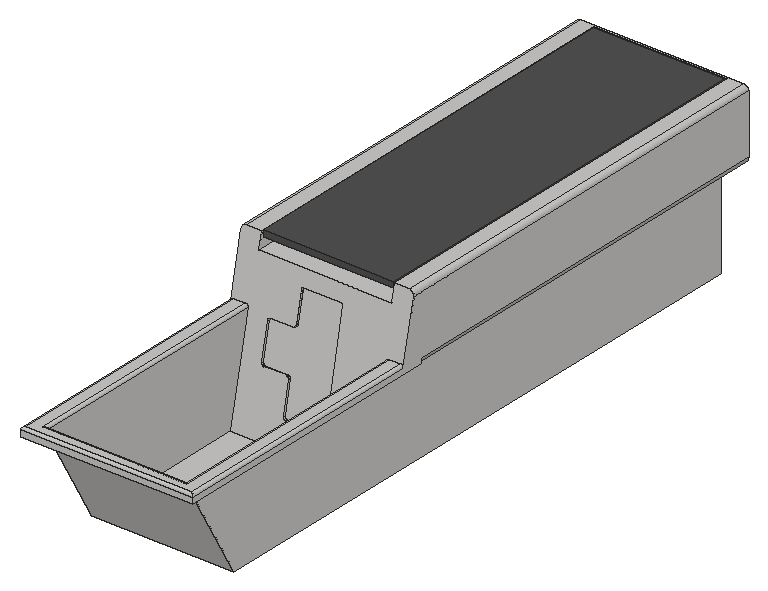
Revit family "PRD_FrankeWS_SpDspnsrs_EXOSElectronicSoapDispenser_EXOS625EX_625EB_625EW", category Specialty Equipment, host Face, Revit 2018
Family settings
  Host = Face
  Round Connector Dimension = Use Diameter
  Part Type = Normal
  OmniClass Number = 23.40.20.21.34
  OmniClass Title = Soap Holders, Dispensers
  Cut with Voids When Loaded = No
  Shared = No
  Room Calculation Point = No
Parameters (values of type "EXOS625EB")
  WarrantyStartDate [instance] = "1900-12-31T23:59:59"
  WarrantyGuarantorParts = "n/a"
  WarrantyGuarantorLabor = "n/a"
  WarrantyDurationUnit = "year"
  WarrantyDurationParts = "n/a"
  WarrantyDurationLabor = "n/a"
  WarrantyDescription = "n/a"
  Version = "1"
  Uniclass2015Version = "Products v1.17"
  Uniclass2015Title = "Soap dispenser"
  Uniclass2015Code = "Pr_40_70_22_81"
  URL = "www.kwc.com"
  TypeOfSoapContainer = "Integrated refillable tank"
  TypeOfOperation = "Sensor operation"
  TypeOfMounting = "Recessed mounting"
  TypeOfFixing = "Screw"
  TypeOfConsumable = "Liquid soap"
  TypeOfBatteries = "AA Mignon battery 1.5 V"
  TagNumber [instance] = "n/a"
  SustainabilityPerformance = "n/a"
  SurfaceTreatment = "InoxPlus (anti fingerprint)"
  Style = "Dispenser"
  Size = "124 x 500 x 120 mm"
  Shape = "n/a"
  SerialNumber [instance] = "n/a"
  Revision = "n/a"
  ReplacementCost = "n/a"
  ProductInformation = "https://pim.kwc.com/product/2030034641/attachment/datasheet?locale=en"
  PanelMaterial = PRD_AR_Glass_Black
  NumberOfBatteries = "4"
  NominalWidth = 124.00 mm
  NominalHeight = 500.00 mm
  NominalDepth = 120.00 mm
  NetWeight = 3.16 kg
  Name = "Electronic soap dispenser EXOS625EB"
  NBSTypeID = "n/a"
  NBSReference = "45-35-72/358"
  NBSOfficeMasterTag = "n/a"
  NBSNote = "n/a"
  NBSDescription = "Soap dispensers"
  NBSCertification = "n/a"
  ModelReference = "EXOS625EB"
  ModelNumber = "2030034641"
  Model = ModelReference  # "EXOS625EB"
  MaterialThickness = "1.20 mm"
  MaterialCode = "1.4301"
  Material = "Stainless steel"
  ManufacturerURL = "www.kwc.com"
  ManufacturerName = "KWC Group AG"  # constant formula
  Manufacturer = ManufacturerName  # "KWC Group AG"
  MainColor = "Stainless steel"
  Lock = "Key-lock"
  IsBuiltIn = "TRUE"
  IntegralAccessories = "incl. mounting materials"
  InstallationDate [instance] = "1900-12-31T23:59:59"
  IfcExportType = "USERDEFINED"
  IfcExportAs = "IfcFurnitureType"
  GrossWeight = 4.16 kg
  Grade = "n/a"
  Finish = "Satin finished"
  FillingQuantityUom = "ml"
  FillingQuantity = "800"
  Features = "stainless steel, satin finished"
  ExpectedLife = "n/a"
  DurationUnit = "year"
  DispenserMaterial = PRD_AR_StainlessSteel_SatinFinished
  Description = "Touch free soap dispenser for recessed mounting, stainless steel with satin finish, black safety glass front panel, casing with InoxPlus surface refinement for the reduction of finger marks and better cleaning characteristics (easy to clean), material thickness 1.2 mm, infrared sensor activity for non-touch operation, LED display shows battery status, requires 4 pieces 1.5 V AA batteries, suitable for liquid soap and lotions, includes 800 ml refill tank, dispenses 0.6 - 1.1 ml depending on soap, includes mounting materials."
  Default Elevation = 1200.00 mm
  CreatedOn = "05/2020"  # constant formula
  Constituents = "n/a"
  Color = "n/a"
  CodePerformance = "n/a"
  Category = "Pr_40_70_22_81, Soap dispensers"
  BarCode [instance] = "n/a"
  BIMObjectName = "PRD_AR_SoapDispensers_EXOSElectronicSoapDispenser_EXOS625EB"
  Author = "Archispace"  # constant formula
  AssetType = "Fixed"
  AssetIdentifier [instance] = "n/a"
  AccessibilityPerformance = "n/a"
Types (3, lengths in mm): name | ProductInformation | PanelMaterial | NetWeight | Name | ModelReference | ModelNumber | Model | GrossWeight | Description | BIMObjectName
  EXOS625EX | "https://pim.kwc.com/product/2030034639/attachment/datasheet?locale=en" | PRD_AR_StainlessSteel_SatinFinished | 2.84 kg | "Electronic soap dispenser EXOS625EX" | "EXOS625EX" | "2030034639" | "EXOS625EX" | 3.26 kg | "Touch free soap dispenser for recessed mounting, stainless steel with satin finish, front and casing with InoxPlus surface refinement for the reduction of finger marks and better cleaning characteristics (easy to lean), material thickness 1.2 mm, infrared sensor activity for non-touch operation, LED display shows battery status, requires 4 pieces 1.5 V AA batteries, suitable for liquid soap and lotions, includes 800 ml refill tank, dispenses 0.6 - 1.1 ml depending on soap, includes mounting materials." | "PRD_AR_SoapDispensers_EXOSElectronicSoapDispenser_EXOS625EX"
  EXOS625EB | "https://pim.kwc.com/product/2030034641/attachment/datasheet?locale=en" | PRD_AR_Glass_Black | 3.16 kg | "Electronic soap dispenser EXOS625EB" | "EXOS625EB" | "2030034641" | "EXOS625EB" | 4.16 kg | "Touch free soap dispenser for recessed mounting, stainless steel with satin finish, black safety glass front panel, casing with InoxPlus surface refinement for the reduction of finger marks and better cleaning characteristics (easy to clean), material thickness 1.2 mm, infrared sensor activity for non-touch operation, LED display shows battery status, requires 4 pieces 1.5 V AA batteries, suitable for liquid soap and lotions, includes 800 ml refill tank, dispenses 0.6 - 1.1 ml depending on soap, includes mounting materials." | "PRD_AR_SoapDispensers_EXOSElectronicSoapDispenser_EXOS625EB"
  EXOS625EW | "https://pim.kwc.com/product/2030034668/attachment/datasheet?locale=en" | PRD_AR_Glass_White | 3.16 kg | "Electronic soap dispenser EXOS625EW" | "EXOS625EW" | "2030034668" | "EXOS625EW" | 4.16 kg | "Touch free soap dispenser for recessed mounting, stainless steel with satin finish, white safety glass front panel, casing with InoxPlus surface refinement for the reduction of finger marks and better cleaning characteristics (easy to clean), material thickness 1.2 mm, infrared sensor activity for non-touch operation, LED display shows battery status, requires 4 pieces 1.5 V AA batteries, suitable for liquid soap and lotions, includes 800 ml refill tank, dispenses 0.6 - 1.1 ml depending on soap, includes mounting materials." | "PRD_AR_SoapDispensers_EXOSElectronicSoapDispenser_EXOS625EW"
Reference planes
  plane 1 "Center (Front/Back)": y = 0
  plane 2: z = 0
  plane 3 "Center (Left/Right)": x = 0
Forms (mm)
  Extrusion 1, void
    sketch origin (0, 0, 0) x (0, 1, 0) y (0, 0, 1)
      loop
        line (239, 0) -> (-239, 0) -> (-199, -70) -> (239, -70) -> (239, 0)
    from -51 to 51
Dimensions and locks
  aligned and locked: plane 2 to host face
  aligned and locked: level to host face
Nested families
  nested 1: "EXOS625E" at (0, 0, -70), type "EXOS625E"
Definition of nested family "EXOS625E"
  Parameters (values of type "EXOS625E")
    Material = none
    FrontMaterial = none
  Reference planes
    plane 1 "Center (Front/Back)": y = 0
    plane 2: z = 0
    plane 3 "Center (Left/Right)": x = 0
    plane 4: x = -62
    plane 5: x = 62
    plane 6: x = -48
    plane 7: x = -47
    plane 8: x = 48
    plane 9: x = 47
    plane 10: through (0, -76.15, 1.2) normal (0, 0.9775, -0.211)
  Forms (mm)
    Extrusion 1, solid, material <- "Material", detail levels fine
      sketch origin (0, 0, -10.333) x (1, 0, 0) y (0, 0, 1)
        loop
          line (-62, 80.333) -> (62, 80.333) -> (62, 126.833)
          arc (62, 126.833) -> (60.975, 129.308) -> (58.5, 130.333) r 3.5
          line (58.5, 130.333) -> (-58.5, 130.333)
          arc (-58.5, 130.333) -> (-60.975, 129.308) -> (-62, 126.833) r 3.5
          line (-62, 126.833) -> (-62, 80.333)
      from -250 to 88.079
    Extrusion 2, void
      sketch origin (0, 0, 0) x (0, 1, 0) y (0, 0, 1)
        loop
          line (-50.5, 120) -> (-88.079, 120) -> (-88.079, 70) -> (-61.295, 70) -> (-50.5, 120)
      from -152 to 152
    Extrusion 3, void
      sketch origin (0, 0, 0) x (1, 0, 0) y (0, 0, 1)
        loop
          line (48, 120) -> (-48, 120) -> (-48, 108.5) -> (48, 108.5) -> (48, 120)
      from -248.5 to 187.554
    Revolve 4, solid, material <- "Material", detail levels fine
      sketch origin (0, 37.5, 95) x (1, 0, 0) y (0, 1, 0)
        loop
          line (0, 212.5) -> (10, 212.5) -> (10, 215.266)
          arc (10, 215.266) -> (9.414, 216.68) -> (8, 217.266) r 2
          line (8, 217.266) -> (6.324, 217.266)
          arc (6.324, 217.266) -> (5.966, 217.585) -> (5.5, 217.7) r 1
          line (5.5, 217.7) -> (0, 217.7) -> (0, 212.5)
        axis (0, 217.7) -> (0, 212.5)
      angle from 0 to 360
    Revolve 5, solid, material <- "Material", detail levels medium
      sketch origin (0, 37.5, 95) x (1, 0, 0) y (0, 1, 0)
        loop
          line (0, 212.5) -> (10, 212.5) -> (10, 217.7) -> (0, 217.7) -> (0, 212.5)
        axis (0, 217.7) -> (0, 212.5)
      angle from 0 to 360
    Extrusion 6, solid, material <- "Material", detail levels fine
      sketch origin (0, 0, 0) x (1, 0, 0) y (0, 1, 0)
        loop
          line (62, -60) -> (50, -60) -> (50, -243.688) -> (-50, -243.688) -> (-50, -60) -> (-62, -60) -> (-62, -250) -> (62, -250) -> (62, -60)
      from 70 to 76
    Extrusion 7, solid, material <- "Material", detail levels fine
      sketch origin (0, 0, 0) x (0, 1, 0) y (0, 0, 1)
        loop
          line (239, 0) -> (239, 70) -> (-239, 70) -> (-199, 0) -> (239, 0)
      from -51 to 51
    Extrusion 8, void
      sketch origin (0, 0, 0) x (1, 0, 0) y (0, 0, 1)
        loop
          line (62, 70) -> (62, 73.5)
          arc (62, 73.5) -> (60.975, 71.025) -> (58.5, 70) r 3.5
          line (58.5, 70) -> (62, 70)
        loop
          line (-62, 70) -> (-58.5, 70)
          arc (-58.5, 70) -> (-60.975, 71.025) -> (-62, 73.5) r 3.5
          line (-62, 73.5) -> (-62, 70)
      from -250 to 45
    Extrusion 9, solid, material <- "FrontMaterial", detail levels medium+fine
      sketch origin (0, 0, 0) x (1, 0, 0) y (0, 1, 0)
        loop
          line (-47, 247.5) -> (-47, -50) -> (47, -50) -> (47, 247.5) -> (-47, 247.5)
      from 116.3 to 120.3
    Extrusion 10, void
      sketch origin (0, 0, 0) x (0, 1, 0) y (0, 0, 1)
        loop
          line (-198.304, 1.2) -> (-76.15, 1.2) -> (-61.295, 70) -> (-237.618, 70) -> (-198.304, 1.2)
      from -50 to 50
    Sweep 11, void
      path in 3D
        loop
          line (-50, -243.688, 76) -> (-50, -60, 76)
      profile origin (-50, -151.844, 76) x (-1, 0, 0) y (0, 0, 1)
        loop
          line (0, 0) -> (0, -2)
          arc (0, -2) -> (0.586, -0.586) -> (2, 0) r 2
          line (2, 0) -> (0, 0)
    Sweep 12, void
      path in 3D
        loop
          line (50, -243.688, 76) -> (50, -60, 76)
      profile origin (50, -151.844, 76) x (-1, 0, 0) y (0, 0, 1)
        loop
          line (0, 0) -> (-2, 0)
          arc (-2, 0) -> (-0.586, -0.586) -> (0, -2) r 2
          line (0, -2) -> (0, 0)
    Sweep 13, void
      path in 3D
        loop
          line (-62, -60, 76) -> (-62, -250, 76) -> (62, -250, 76) -> (62, -60, 76)
      profile origin (-62, -155, 76) x (1, 0, 0) y (0, 0, 1)
        loop
          line (0, 0) -> (0, -2)
          arc (0, -2) -> (0.586, -0.586) -> (2, 0) r 2
          line (2, 0) -> (0, 0)
    Extrusion 14, solid, material <- "Material", detail levels fine
      sketch origin (0, 0, 0) x (0, 1, 0) y (0, 0, 1)
        loop
          line (-243.688, 70) -> (-237.618, 70) -> (-240.471, 74.992)
          arc (-240.471, 74.992) -> (-241.203, 75.73) -> (-242.207, 76) r 2
          line (-242.207, 76) -> (-243.688, 76) -> (-243.688, 70)
      from -56.244 to 56.087
    Extrusion 15, void
      sketch origin (0, -76.15, 1.2) x (0, -0.211046, -0.977476) y (-1, 0, 0)
        loop
          line (-18.5, -13) -> (-18.5, 13)
          arc (-18.5, 13) -> (-19.086, 14.414) -> (-20.5, 15) r 2
          line (-20.5, 15) -> (-42.5, 15)
          arc (-42.5, 15) -> (-43.914, 15.586) -> (-44.5, 17) r 2
          line (-44.5, 17) -> (-44.5, 33)
          arc (-44.5, 33) -> (-45.086, 34.414) -> (-46.5, 35) r 2
          line (-46.5, 35) -> (-71.7, 35)
          arc (-71.7, 35) -> (-73.114, 34.414) -> (-73.7, 33) r 2
          line (-73.7, 33) -> (-73.7, 17)
          arc (-73.7, 17) -> (-74.286, 15.586) -> (-75.7, 15) r 2
          line (-75.7, 15) -> (-96.7, 15)
          arc (-96.7, 15) -> (-98.114, 14.414) -> (-98.7, 13) r 2
          line (-98.7, 13) -> (-98.7, -13)
          arc (-98.7, -13) -> (-98.114, -14.414) -> (-96.7, -15) r 2
          line (-96.7, -15) -> (-20.5, -15)
          arc (-20.5, -15) -> (-19.086, -14.414) -> (-18.5, -13) r 2
      from 0 to 1.2
    Extrusion 16, solid, material <- "Material", detail levels medium
      sketch origin (0, 0, 0) x (0, 1, 0) y (0, 0, 1)
        loop
          line (239, 0) -> (239, 70) -> (-239, 70) -> (-199, 0) -> (239, 0)
      from -51 to 51
    Extrusion 17, solid, material <- "Material", detail levels medium
      sketch origin (0, 0, 0) x (1, 0, 0) y (0, 1, 0)
        loop
          line (62, -60) -> (50, -60) -> (50, -243.688) -> (-50, -243.688) -> (-50, -60) -> (-62, -60) -> (-62, -250) -> (62, -250) -> (62, -60)
      from 70 to 76
    Extrusion 18, solid, material <- "Material", detail levels medium
      sketch origin (0, 0, 0) x (0, 1, 0) y (0, 0, 1)
        loop
          line (-243.688, 70) -> (-237.618, 70) -> (-241.046, 76) -> (-243.688, 76) -> (-243.688, 70)
      from -56.244 to 56.087
    Extrusion 19, solid, material <- "Material", detail levels medium
      sketch origin (0, 0, -10.333) x (1, 0, 0) y (0, 0, 1)
        loop
          line (-62, 80.333) -> (62, 80.333) -> (62, 130.333) -> (-62, 130.333) -> (-62, 80.333)
      from -250 to 88.079
    Extrusion 20, void
      sketch origin (0, 0, 0) x (0, 1, 0) y (0, 0, 1)
        loop
          line (-50.5, 120) -> (-88.079, 120) -> (-88.079, 70) -> (-61.295, 70) -> (-50.5, 120)
      from -62 to 62
    Extrusion 21, solid, material <- "Material", detail levels coarse
      sketch origin (0, 0, 0) x (0, 1, 0) y (0, 0, 1)
        loop
          line (239, 0) -> (239, 70) -> (-239, 70) -> (-199, 0) -> (239, 0)
      from -51 to 51
    Extrusion 22, solid, material <- "Material", detail levels coarse
      sketch origin (0, 0, 0) x (1, 0, 0) y (0, 1, 0)
        loop
          line (62, -60) -> (-62, -60) -> (-62, -250) -> (62, -250) -> (62, -60)
      from 70 to 76
    Extrusion 23, solid, material <- "Material", detail levels coarse
      sketch origin (0, 0, -10.333) x (1, 0, 0) y (0, 0, 1)
        loop
          line (-62, 80.333) -> (62, 80.333) -> (62, 130.333) -> (-62, 130.333) -> (-62, 80.333)
      from -250 to 88.079
  Cuts and joins
    Extrusion 2, Extrusion 3, Extrusion 8, Extrusion 15 cuts Extrusion 1
    Sweep 11, Sweep 12, Sweep 13 cuts Extrusion 6
    Extrusion 2, Extrusion 10, Extrusion 15 cuts Extrusion 7
    joined: Extrusion 1, Extrusion 6, Extrusion 7, Extrusion 14
    joined: Extrusion 17, Extrusion 18
    Extrusion 10 cuts Extrusion 16
    Extrusion 3, Extrusion 20 cuts Extrusion 19
    joined: Extrusion 16, Extrusion 19
    Extrusion 20 cuts Extrusion 23
    joined: Extrusion 22, Extrusion 23
  Lines and regions (mm)
    sketch lines
      curve 1: line (-50, -243.688, 76) -> (-50, -60, 76)
      curve 2: line (50, -243.688, 76) -> (50, -60, 76)
      curve 3: line (-62, -60, 76) -> (-62, -250, 76)
      curve 4: line (-62, -250, 76) -> (62, -250, 76)
      curve 5: line (62, -250, 76) -> (62, -60, 76)
  Dimensions and locks
    aligned and locked: level to plane 2
